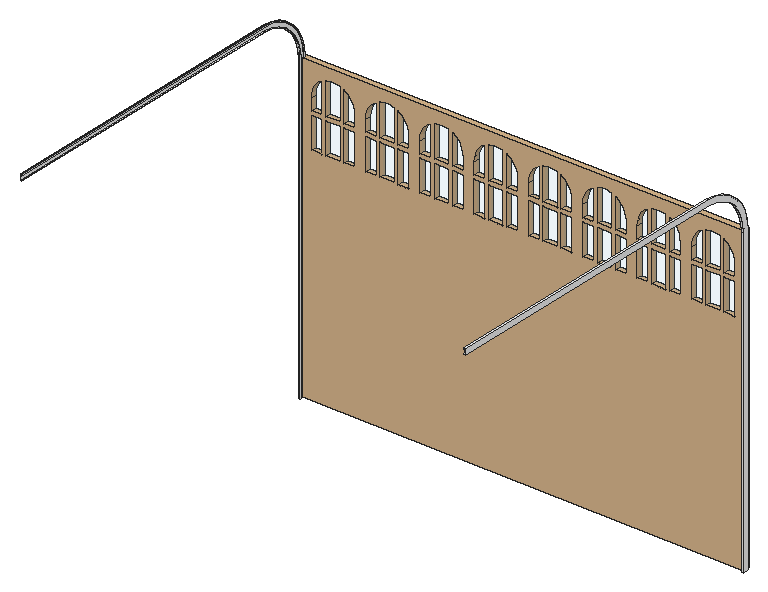
Revit family
Parameters (values of type "7Ft H x 8Ft W")
  Track Width = Width + 0' 2"  # 10' - 2"
  Track Height = Height + 1' 0"  # 8' - 0"
  Track Depth = 8' - 0"
  Track = Metal
  SmartBIM Object Version = 1  # constant formula
  SmartBIM Object Created By = "Reed Construction Data"  # constant formula
  Rough Width = 0' - 0"
  Rough Height = 0' - 0"
  Panel Thickness = 0' - 1 1/2"
  Manufacturer = ""
  Height = 7' - 0"
  Wall Closure = (empty or 0)
  Width = 10' - 0"
  Door Glass = Glass
  Door = Wood
  Assembly Code = ""
  95 CSI = "08360"  # constant formula
  04 CSI = "08 36 13"  # constant formula
Types (2): name | Track Width | Track Depth | Width
  7Ft H x 8Ft W | 10' - 2" | 8' - 0" | 10' - 0"
  7Ft H x 16Ft W | 16' - 2" | 10' - 0" | 16' - 0"
Reference planes (in)
  plane 1 "Center (Front/Back)": y = 0
  plane 2 "Center (Left/Right)": x = 0
  plane 3 "Left": x = -60
  plane 4 "Right": x = 60
  plane 5 "Top": z = 84
  plane 6: x = -61
  plane 7: x = 61
  plane 8: y = -3.25
  plane 9: z = 81
  plane 10: y = -3.5
  plane 11: y = -3.5
  plane 12 "Ext": y = -4.25
  plane 13: y = -3.5
  plane 14 "Int": y = -2.75
  plane 15: z = 3
  plane 16: y = -3.5
  plane 17: z = 61.5
  plane 18: z = 42
  plane 19: z = 22.5
  plane 20: x = -45
  plane 21: x = -30
  plane 22: x = -15
  plane 23: x = 45
  plane 24: x = 30
  plane 25: x = 15
  plane 26: z = 71.25
  plane 27: x = -55
  plane 28: x = -50
  plane 29: x = -35
  plane 30: x = -40
  plane 31: x = -25
  plane 32: x = -20
  plane 33: x = -5
  plane 34: x = -10
  plane 35: x = 5
  plane 36: x = 10
  plane 37: x = 25
  plane 38: x = 20
  plane 39: x = 35
  plane 40: x = 40
  plane 41: x = 55
  plane 42: x = 50
Forms (in)
  Extrusion 1, solid, material "Wood" <- "Door"
    sketch origin (0, 0, 0) x (1, 0, 0) y (0, 0, 1)
      loop
        line (-61, 84) -> (-61, 0) -> (61, 0) -> (61, 84) -> (-61, 84)
      loop
        line (-58.5, 75) -> (-58.5, 62) -> (-46.5, 62) -> (-46.5, 75)
        arc (-46.5, 75) -> (-52.5, 81.00004) -> (-58.5, 75) r 6
      loop
        line (-1.5, 62) -> (-1.5, 75)
        arc (-1.5, 75) -> (-7.5, 81.00876) -> (-13.5, 75) r 6.00001
        line (-13.5, 75) -> (-13.5, 62) -> (-1.5, 62)
      loop
        line (1.5, 62) -> (13.5, 62) -> (13.5, 75)
        arc (13.5, 75) -> (7.5, 81.02697) -> (1.5, 75) r 6.00006
        line (1.5, 75) -> (1.5, 62)
      loop
        arc (58.5, 75) -> (52.5, 81.0097) -> (46.5, 75) r 6.00001
        line (46.5, 75) -> (46.5, 62) -> (58.5, 62) -> (58.5, 75)
      loop
        line (-43.5, 75) -> (-43.5, 62) -> (-31.5, 62) -> (-31.5, 75)
        arc (-31.5, 75) -> (-37.5, 81.00037) -> (-43.5, 75) r 6
      loop
        line (-28.5, 75) -> (-28.5, 62) -> (-16.5, 62) -> (-16.5, 75)
        arc (-16.5, 75) -> (-22.5, 81.00779) -> (-28.5, 75) r 6.00001
      loop
        line (16.5, 75) -> (16.5, 62) -> (28.5, 62) -> (28.5, 75)
        arc (28.5, 75) -> (22.5, 81.04491) -> (16.5, 75) r 6.00017
      loop
        line (31.5, 75) -> (31.5, 62) -> (43.5, 62) -> (43.5, 75)
        arc (43.5, 75) -> (37.5, 81.0286) -> (31.5, 75) r 6.00007
    from 2.75 to 4.25
  Extrusion 2, solid, material "Wood" <- "Door"
    sketch origin (0, -4.25, 0) x (1, 0, 0) y (0, 0, 1)
      loop
        line (-60, 71.75) -> (-60, 70.75) -> (-55.5, 70.75) -> (-55.5, 61.5) -> (-54.5, 61.5) -> (-54.5, 70.75) -> (-50.5, 70.75) -> (-50.5, 61.5) -> (-49.5, 61.5) -> (-49.5, 70.75) -> (-40.5, 70.75) -> (-40.5, 61.5) -> (-39.5, 61.5) -> (-39.5, 70.75) -> (-35.5, 70.75) -> (-35.5, 61.5) -> (-34.5, 61.5) -> (-34.5, 70.75) -> (-25.5, 70.75) -> (-25.5, 61.5) -> (-24.5, 61.5) -> (-24.5, 70.75) -> (-20.5, 70.75) -> (-20.5, 61.5) -> (-19.5, 61.5) -> (-19.5, 70.75) -> (-10.5, 70.75) -> (-10.5, 61.5) -> (-9.5, 61.5) -> (-9.5, 70.75) -> (-5.5, 70.75) -> (-5.5, 61.5) -> (-4.5, 61.5) -> (-4.5, 70.75) -> (4.5, 70.75) -> (4.5, 61.5) -> (5.5, 61.5) -> (5.5, 70.75) -> (9.5, 70.75) -> (9.5, 61.5) -> (10.5, 61.5) -> (10.5, 70.75) -> (19.5, 70.75) -> (19.5, 61.5) -> (20.5, 61.5) -> (20.5, 70.75) -> (24.5, 70.75) -> (24.5, 61.5) -> (25.5, 61.5) -> (25.5, 70.75) -> (34.5, 70.75) -> (34.5, 61.5) -> (35.5, 61.5) -> (35.5, 70.75) -> (39.5, 70.75) -> (39.5, 61.5) -> (40.5, 61.5) -> (40.5, 70.75) -> (49.5, 70.75) -> (49.5, 61.5) -> (50.5, 61.5) -> (50.5, 70.75) -> (54.5, 70.75) -> (54.5, 61.5) -> (55.5, 61.5) -> (55.5, 70.75) -> (60, 70.75) -> (60, 71.75) -> (55.5, 71.75) -> (55.5, 81) -> (54.5, 81) -> (54.5, 71.75) -> (50.5, 71.75) -> (50.5, 81) -> (49.5, 81) -> (49.5, 71.75) -> (40.5, 71.75) -> (40.5, 81) -> (39.5, 81) -> (39.5, 71.75) -> (35.5, 71.75) -> (35.5, 81) -> (34.5, 81) -> (34.5, 71.75) -> (25.5, 71.75) -> (25.5, 81) -> (24.5, 81) -> (24.5, 71.75) -> (20.5, 71.75) -> (20.5, 81) -> (19.5, 81) -> (19.5, 71.75) -> (10.5, 71.75) -> (10.5, 81) -> (9.5, 81) -> (9.5, 71.75) -> (5.5, 71.75) -> (5.5, 81) -> (4.5, 81) -> (4.5, 71.75) -> (-4.5, 71.75) -> (-4.5, 81) -> (-5.5, 81) -> (-5.5, 71.75) -> (-9.5, 71.75) -> (-9.5, 81) -> (-10.5, 81) -> (-10.5, 71.75) -> (-19.5, 71.75) -> (-19.5, 81) -> (-20.5, 81) -> (-20.5, 71.75) -> (-24.5, 71.75) -> (-24.5, 81) -> (-25.5, 81) -> (-25.5, 71.75) -> (-34.5, 71.75) -> (-34.5, 81) -> (-35.5, 81) -> (-35.5, 71.75) -> (-39.5, 71.75) -> (-39.5, 81) -> (-40.5, 81) -> (-40.5, 71.75) -> (-49.5, 71.75) -> (-49.5, 81) -> (-50.5, 81) -> (-50.5, 71.75) -> (-54.5, 71.75) -> (-54.5, 81) -> (-55.5, 81) -> (-55.5, 71.75) -> (-60, 71.75)
    from -1.5 to 0
  Extrusion 3, solid, material "Glass" <- "Door Glass"
    sketch origin (0, -2.75, 0) x (1, 0, 0) y (0, 0, 1)
      loop
        line (58.5, 81) -> (-58.5, 81) -> (-58.5, 61.5) -> (58.5, 61.5) -> (58.5, 81)
    from 0.5 to 0.75
Cuts and joins
  joined: Extrusion 1, Extrusion 2
Lines and regions (in)
  Opening 1
    outline origin (-90, -2.75, 0) x (1, 0, 0) y (0, 0, 1)
      loop
        line (30, 0) -> (150, 0) -> (150, 84) -> (30, 84) -> (30, 0)
  model lines
    curve 1: line (45.5, -4.25, 41.5) -> (59, -4.25, 41.5)
    curve 2: line (59, -4.25, 23) -> (45.5, -4.25, 23)
    curve 3: line (59, -4.25, 22) -> (59, -4.25, 3)
    curve 4: line (45.5, -4.25, 3) -> (59, -4.25, 3)
    curve 5: line (59, -4.25, 22) -> (45.5, -4.25, 22)
    curve 6: line (45.5, -4.25, 3) -> (45.5, -4.25, 22)
    curve 7: line (58.5, -2.75, 23) -> (58.5, -2.75, 41.5)
    curve 8: line (58.5, -2.75, 41.5) -> (45.5, -2.75, 41.5)
    curve 9: line (45.5, -2.75, 23) -> (58.5, -2.75, 23)
    curve 10: line (58.5, -2.75, 22) -> (58.5, -2.75, 3)
    curve 11: line (58.5, -2.75, 3) -> (45.5, -2.75, 3)
    curve 12: line (45.5, -2.75, 22) -> (58.5, -2.75, 22)
    curve 13: line (45.5, -2.75, 3) -> (45.5, -2.75, 22)
    curve 14: line (59, -4.25, 23) -> (59, -4.25, 41.5)
    curve 15: line (45.5, -4.25, 41.5) -> (45.5, -4.25, 23)
    curve 16: line (45.5, -4.25, 42.5) -> (59, -4.25, 42.5)
    curve 17: line (59, -4.25, 61) -> (45.5, -4.25, 61)
    curve 18: line (59, -4.25, 61) -> (59, -4.25, 42.5)
    curve 19: line (45.5, -4.25, 42.5) -> (45.5, -4.25, 61)
    curve 20: line (44.5, -4.25, 42.5) -> (30.5, -4.25, 42.5)
    curve 21: line (30.5, -4.25, 61) -> (44.5, -4.25, 61)
    curve 22: line (44.5, -4.25, 42.5) -> (44.5, -4.25, 61)
    curve 23: line (30.5, -4.25, 61) -> (30.5, -4.25, 42.5)
    curve 24: line (15.5, -4.25, 42.5) -> (29.5, -4.25, 42.5)
    curve 25: line (29.5, -4.25, 61) -> (15.5, -4.25, 61)
    curve 26: line (15.5, -4.25, 42.5) -> (15.5, -4.25, 61)
    curve 27: line (29.5, -4.25, 61) -> (29.5, -4.25, 42.5)
    curve 28: line (14.5, -4.25, 42.5) -> (0.5, -4.25, 42.5)
    curve 29: line (0.5, -4.25, 61) -> (14.5, -4.25, 61)
    curve 30: line (14.5, -4.25, 42.5) -> (14.5, -4.25, 61)
    curve 31: line (0.5, -4.25, 61) -> (0.5, -4.25, 42.5)
    curve 32: line (-14.5, -4.25, 42.5) -> (-0.5, -4.25, 42.5)
    curve 33: line (-0.5, -4.25, 61) -> (-14.5, -4.25, 61)
    curve 34: line (-14.5, -4.25, 42.5) -> (-14.5, -4.25, 61)
    curve 35: line (-0.5, -4.25, 61) -> (-0.5, -4.25, 42.5)
    curve 36: line (-15.5, -4.25, 42.5) -> (-29.5, -4.25, 42.5)
    curve 37: line (-29.5, -4.25, 61) -> (-15.5, -4.25, 61)
    curve 38: line (-15.5, -4.25, 42.5) -> (-15.5, -4.25, 61)
    curve 39: line (-29.5, -4.25, 61) -> (-29.5, -4.25, 42.5)
    curve 40: line (-44.5, -4.25, 42.5) -> (-30.5, -4.25, 42.5)
    curve 41: line (-30.5, -4.25, 61) -> (-44.5, -4.25, 61)
    curve 42: line (-44.5, -4.25, 42.5) -> (-44.5, -4.25, 61)
    curve 43: line (-30.5, -4.25, 61) -> (-30.5, -4.25, 42.5)
    curve 44: line (-45.5, -4.25, 42.5) -> (-59, -4.25, 42.5)
    curve 45: line (-59, -4.25, 61) -> (-45.5, -4.25, 61)
    curve 46: line (-45.5, -4.25, 42.5) -> (-45.5, -4.25, 61)
    curve 47: line (-59, -4.25, 61) -> (-59, -4.25, 42.5)
    curve 48: line (-45.5, -4.25, 41.5) -> (-59, -4.25, 41.5)
    curve 49: line (-59, -4.25, 23) -> (-45.5, -4.25, 23)
    curve 50: line (-45.5, -4.25, 41.5) -> (-45.5, -4.25, 23)
    curve 51: line (-59, -4.25, 23) -> (-59, -4.25, 41.5)
    curve 52: line (-45.5, -4.25, 3.5) -> (-59, -4.25, 3.5)
    curve 53: line (-59, -4.25, 22) -> (-45.5, -4.25, 22)
    curve 54: line (-45.5, -4.25, 3.5) -> (-45.5, -4.25, 22)
    curve 55: line (-59, -4.25, 22) -> (-59, -4.25, 3.5)
    curve 56: line (-44.5, -4.25, 41.5) -> (-30.5, -4.25, 41.5)
    curve 57: line (-30.5, -4.25, 23) -> (-44.5, -4.25, 23)
    curve 58: line (-44.5, -4.25, 41.5) -> (-44.5, -4.25, 23)
    curve 59: line (-30.5, -4.25, 23) -> (-30.5, -4.25, 41.5)
    curve 60: line (-44.5, -4.25, 3.5) -> (-30.5, -4.25, 3.5)
    curve 61: line (-30.5, -4.25, 22) -> (-44.5, -4.25, 22)
    curve 62: line (-44.5, -4.25, 3.5) -> (-44.5, -4.25, 22)
    curve 63: line (-30.5, -4.25, 22) -> (-30.5, -4.25, 3.5)
    curve 64: line (-15.5, -4.25, 41.5) -> (-29.5, -4.25, 41.5)
    curve 65: line (-29.5, -4.25, 23) -> (-15.5, -4.25, 23)
    curve 66: line (-15.5, -4.25, 41.5) -> (-15.5, -4.25, 23)
    curve 67: line (-29.5, -4.25, 23) -> (-29.5, -4.25, 41.5)
    curve 68: line (-14.5, -4.25, 41.5) -> (-0.5, -4.25, 41.5)
    curve 69: line (-0.5, -4.25, 23) -> (-14.5, -4.25, 23)
    curve 70: line (-14.5, -4.25, 41.5) -> (-14.5, -4.25, 23)
    curve 71: line (-0.5, -4.25, 23) -> (-0.5, -4.25, 41.5)
    curve 72: line (14.5, -4.25, 41.5) -> (0.5, -4.25, 41.5)
    curve 73: line (0.5, -4.25, 23) -> (14.5, -4.25, 23)
    curve 74: line (14.5, -4.25, 41.5) -> (14.5, -4.25, 23)
    curve 75: line (0.5, -4.25, 23) -> (0.5, -4.25, 41.5)
    curve 76: line (15.5, -4.25, 41.5) -> (29.5, -4.25, 41.5)
    curve 77: line (29.5, -4.25, 23) -> (15.5, -4.25, 23)
    curve 78: line (15.5, -4.25, 41.5) -> (15.5, -4.25, 23)
    curve 79: line (29.5, -4.25, 23) -> (29.5, -4.25, 41.5)
    curve 80: line (44.5, -4.25, 41.5) -> (30.5, -4.25, 41.5)
    curve 81: line (30.5, -4.25, 23) -> (44.5, -4.25, 23)
    curve 82: line (44.5, -4.25, 41.5) -> (44.5, -4.25, 23)
    curve 83: line (30.5, -4.25, 23) -> (30.5, -4.25, 41.5)
    curve 84: line (44.5, -4.25, 3.5) -> (30.5, -4.25, 3.5)
    curve 85: line (30.5, -4.25, 22) -> (44.5, -4.25, 22)
    curve 86: line (44.5, -4.25, 3.5) -> (44.5, -4.25, 22)
    curve 87: line (30.5, -4.25, 22) -> (30.5, -4.25, 3.5)
    curve 88: line (15.5, -4.25, 3.5) -> (29.5, -4.25, 3.5)
    curve 89: line (29.5, -4.25, 22) -> (15.5, -4.25, 22)
    curve 90: line (15.5, -4.25, 3.5) -> (15.5, -4.25, 22)
    curve 91: line (29.5, -4.25, 22) -> (29.5, -4.25, 3.5)
    curve 92: line (14.5, -4.25, 3.5) -> (0.5, -4.25, 3.5)
    curve 93: line (0.5, -4.25, 22) -> (14.5, -4.25, 22)
    curve 94: line (14.5, -4.25, 3.5) -> (14.5, -4.25, 22)
    curve 95: line (0.5, -4.25, 22) -> (0.5, -4.25, 3.5)
    curve 96: line (-14.5, -4.25, 3.5) -> (-0.5, -4.25, 3.5)
    curve 97: line (-0.5, -4.25, 22) -> (-14.5, -4.25, 22)
    curve 98: line (-14.5, -4.25, 3.5) -> (-14.5, -4.25, 22)
    curve 99: line (-0.5, -4.25, 22) -> (-0.5, -4.25, 3.5)
    curve 100: line (-15.5, -4.25, 3.5) -> (-29.5, -4.25, 3.5)
    curve 101: line (-29.5, -4.25, 22) -> (-15.5, -4.25, 22)
    curve 102: line (-15.5, -4.25, 3.5) -> (-15.5, -4.25, 22)
    curve 103: line (-29.5, -4.25, 22) -> (-29.5, -4.25, 3.5)
    curve 104: line (44.5, -2.75, 23) -> (44.5, -2.75, 41.5)
    curve 105: line (44.5, -2.75, 41.5) -> (30.5, -2.75, 41.5)
    curve 106: line (30.5, -2.75, 23) -> (44.5, -2.75, 23)
    curve 107: line (30.5, -2.75, 41.5) -> (30.5, -2.75, 23)
    curve 108: line (-14.5, -2.75, 23) -> (-14.5, -2.75, 41.5)
    curve 109: line (-14.5, -2.75, 41.5) -> (-0.5, -2.75, 41.5)
    curve 110: line (-0.5, -2.75, 23) -> (-14.5, -2.75, 23)
    curve 111: line (-0.5, -2.75, 41.5) -> (-0.5, -2.75, 23)
    curve 112: line (14.5, -2.75, 23) -> (14.5, -2.75, 41.5)
    curve 113: line (14.5, -2.75, 41.5) -> (0.5, -2.75, 41.5)
    curve 114: line (0.5, -2.75, 23) -> (14.5, -2.75, 23)
    curve 115: line (0.5, -2.75, 41.5) -> (0.5, -2.75, 23)
    curve 116: line (15.5, -2.75, 23) -> (15.5, -2.75, 41.5)
    curve 117: line (15.5, -2.75, 41.5) -> (29.5, -2.75, 41.5)
    curve 118: line (29.5, -2.75, 23) -> (15.5, -2.75, 23)
    curve 119: line (29.5, -2.75, 41.5) -> (29.5, -2.75, 23)
    curve 120: line (-15.5, -2.75, 23) -> (-15.5, -2.75, 41.5)
    curve 121: line (-15.5, -2.75, 41.5) -> (-29.5, -2.75, 41.5)
    curve 122: line (-29.5, -2.75, 23) -> (-15.5, -2.75, 23)
    curve 123: line (-29.5, -2.75, 41.5) -> (-29.5, -2.75, 23)
    curve 124: line (-44.5, -2.75, 23) -> (-44.5, -2.75, 41.5)
    curve 125: line (-44.5, -2.75, 41.5) -> (-30.5, -2.75, 41.5)
    curve 126: line (-30.5, -2.75, 23) -> (-44.5, -2.75, 23)
    curve 127: line (-30.5, -2.75, 41.5) -> (-30.5, -2.75, 23)
    curve 128: line (-45.5, -2.75, 23) -> (-45.5, -2.75, 41.5)
    curve 129: line (-45.5, -2.75, 41.5) -> (-58.5, -2.75, 41.5)
    curve 130: line (-58.5, -2.75, 23) -> (-45.5, -2.75, 23)
    curve 131: line (-58.5, -2.75, 41.5) -> (-58.5, -2.75, 23)
    curve 132: line (-45.5, -2.75, 61) -> (-45.5, -2.75, 42.5)
    curve 133: line (-45.5, -2.75, 42.5) -> (-58.5, -2.75, 42.5)
    curve 134: line (-58.5, -2.75, 61) -> (-45.5, -2.75, 61)
    curve 135: line (-58.5, -2.75, 42.5) -> (-58.5, -2.75, 61)
    curve 136: line (-45.5, -2.75, 22) -> (-45.5, -2.75, 3.5)
    curve 137: line (-45.5, -2.75, 3.5) -> (-58.5, -2.75, 3.5)
    curve 138: line (-58.5, -2.75, 22) -> (-45.5, -2.75, 22)
    curve 139: line (-58.5, -2.75, 3.5) -> (-58.5, -2.75, 22)
    curve 140: line (-44.5, -2.75, 22) -> (-44.5, -2.75, 3.5)
    curve 141: line (-44.5, -2.75, 3.5) -> (-30.5, -2.75, 3.5)
    curve 142: line (-30.5, -2.75, 22) -> (-44.5, -2.75, 22)
    curve 143: line (-30.5, -2.75, 3.5) -> (-30.5, -2.75, 22)
    curve 144: line (-15.5, -2.75, 22) -> (-15.5, -2.75, 3.5)
    curve 145: line (-15.5, -2.75, 3.5) -> (-29.5, -2.75, 3.5)
    curve 146: line (-29.5, -2.75, 22) -> (-15.5, -2.75, 22)
    curve 147: line (-29.5, -2.75, 3.5) -> (-29.5, -2.75, 22)
    curve 148: line (-14.5, -2.75, 22) -> (-14.5, -2.75, 3.5)
    curve 149: line (-14.5, -2.75, 3.5) -> (-0.5, -2.75, 3.5)
    curve 150: line (-0.5, -2.75, 22) -> (-14.5, -2.75, 22)
    curve 151: line (-0.5, -2.75, 3.5) -> (-0.5, -2.75, 22)
    curve 152: line (14.5, -2.75, 22) -> (14.5, -2.75, 3.5)
    curve 153: line (14.5, -2.75, 3.5) -> (0.5, -2.75, 3.5)
    curve 154: line (0.5, -2.75, 22) -> (14.5, -2.75, 22)
    curve 155: line (0.5, -2.75, 3.5) -> (0.5, -2.75, 22)
    curve 156: line (15.5, -2.75, 22) -> (15.5, -2.75, 3.5)
    curve 157: line (15.5, -2.75, 3.5) -> (29.5, -2.75, 3.5)
    curve 158: line (29.5, -2.75, 22) -> (15.5, -2.75, 22)
    curve 159: line (29.5, -2.75, 3.5) -> (29.5, -2.75, 22)
    curve 160: line (44.5, -2.75, 22) -> (44.5, -2.75, 3.5)
    curve 161: line (44.5, -2.75, 3.5) -> (30.5, -2.75, 3.5)
    curve 162: line (30.5, -2.75, 22) -> (44.5, -2.75, 22)
    curve 163: line (30.5, -2.75, 3.5) -> (30.5, -2.75, 22)
    curve 164: line (45.5, -2.75, 23) -> (45.5, -2.75, 41.5)
    curve 165: line (58.5, -2.75, 61) -> (58.5, -2.75, 42.5)
    curve 166: line (58.5, -2.75, 42.5) -> (45.5, -2.75, 42.5)
    curve 167: line (45.5, -2.75, 61) -> (58.5, -2.75, 61)
    curve 168: line (45.5, -2.75, 61) -> (45.5, -2.75, 42.5)
    curve 169: line (44.5, -2.75, 61) -> (44.5, -2.75, 42.5)
    curve 170: line (44.5, -2.75, 42.5) -> (30.5, -2.75, 42.5)
    curve 171: line (30.5, -2.75, 61) -> (44.5, -2.75, 61)
    curve 172: line (30.5, -2.75, 42.5) -> (30.5, -2.75, 61)
    curve 173: line (15.5, -2.75, 61) -> (15.5, -2.75, 42.5)
    curve 174: line (15.5, -2.75, 42.5) -> (29.5, -2.75, 42.5)
    curve 175: line (29.5, -2.75, 61) -> (15.5, -2.75, 61)
    curve 176: line (29.5, -2.75, 42.5) -> (29.5, -2.75, 61)
    curve 177: line (14.5, -2.75, 61) -> (14.5, -2.75, 42.5)
    curve 178: line (14.5, -2.75, 42.5) -> (0.5, -2.75, 42.5)
    curve 179: line (0.5, -2.75, 61) -> (14.5, -2.75, 61)
    curve 180: line (0.5, -2.75, 42.5) -> (0.5, -2.75, 61)
    curve 181: line (-14.5, -2.75, 61) -> (-14.5, -2.75, 42.5)
    curve 182: line (-14.5, -2.75, 42.5) -> (-0.5, -2.75, 42.5)
    curve 183: line (-0.5, -2.75, 61) -> (-14.5, -2.75, 61)
    curve 184: line (-0.5, -2.75, 42.5) -> (-0.5, -2.75, 61)
    curve 185: line (-15.5, -2.75, 61) -> (-15.5, -2.75, 42.5)
    curve 186: line (-15.5, -2.75, 42.5) -> (-29.5, -2.75, 42.5)
    curve 187: line (-29.5, -2.75, 61) -> (-15.5, -2.75, 61)
    curve 188: line (-29.5, -2.75, 42.5) -> (-29.5, -2.75, 61)
    curve 189: line (-44.5, -2.75, 61) -> (-44.5, -2.75, 42.5)
    curve 190: line (-44.5, -2.75, 42.5) -> (-30.5, -2.75, 42.5)
    curve 191: line (-30.5, -2.75, 61) -> (-44.5, -2.75, 61)
    curve 192: line (-30.5, -2.75, 42.5) -> (-30.5, -2.75, 61)
Text (in)
  text "Exterior" at (-74.96733, 27.31104, 0), in view "Ref. Level"
  text "Interior" at (-76.69036, -30.31274, 0), in view "Ref. Level"
  text "Exterior" at (0, 40.15149, 123.01588), in view "Right"
  text "Interior" at (0, -64.39139, 123.01588), in view "Right"
  text "Interior" at (0, -31.01599, 123.00693), in view "Left"
  text "Exterior" at (0, 54.57065, 123.00693), in view "Left"
Dimensions and locks (in)
  equal spacing: plane 3 "Left", plane 2 "Center (Left/Right)", plane 4 "Right"
  "Width": plane 3 "Left" to plane 4 "Right"
  locked: plane 6 to plane 3 "Left" at 1
  locked: plane 4 "Right" to plane 7 at 1
  locked: plane 9 to plane 5 "Top" at 3
  plane 2 "Center (Left/Right)" to plane 4 "Right" = 5' - 0"
  plane 2 "Center (Left/Right)" to plane 3 "Left" = 5' - 0"
  host wall to plane 8 to plane 10 = 0' - 0 1/2", 0' - 0 1/4"
  equal spacing: plane 12 "Ext", plane 13, plane 14 "Int"
  "Panel Thickness": plane 14 "Int" to plane 12 "Ext"
  plane 5 "Top" to plane 9 = 0' - 3"
  equal spacing: plane 7, plane 2 "Center (Left/Right)", plane 6
  locked: plane 15 to level at 3
  locked: plane 6 to Extrusion 1 sketch curve at 2.5
  locked: plane 2 "Center (Left/Right)" to Extrusion 1 sketch curve at 1.5
  locked: Extrusion 1 sketch curve to plane 2 "Center (Left/Right)" at 1.5
  "Height": plane 5 "Top" to level
  locked: Extrusion 1 sketch curve to plane 17 at 0.5
  equal spacing: plane 9, plane 17, plane 18, plane 19, plane 15
  equal spacing: plane 3 "Left", plane 20, plane 21, plane 22, plane 2 "Center (Left/Right)"
  equal spacing: plane 4 "Right", plane 23, plane 24, plane 25, plane 2 "Center (Left/Right)"
  equal spacing: Extrusion 1 sketch curve, plane 20, Extrusion 1 sketch curve
  locked: Extrusion 1 sketch curve to Extrusion 1 sketch curve at 3  (x6)
  equal spacing: Extrusion 1 sketch curve, plane 21, Extrusion 1 sketch curve
  equal spacing: Extrusion 1 sketch curve, plane 22, Extrusion 1 sketch curve
  equal spacing: Extrusion 1 sketch curve, plane 25, Extrusion 1 sketch curve
  equal spacing: Extrusion 1 sketch curve, plane 24, Extrusion 1 sketch curve
  equal spacing: Extrusion 1 sketch curve, plane 23, Extrusion 1 sketch curve
  locked: Extrusion 1 sketch curve to plane 9 at 0.00004
  locked: Extrusion 1 sketch curve to plane 9 at 0.00037
  locked: Extrusion 1 sketch curve to plane 9 at 0.00779
  locked: Extrusion 1 sketch curve to plane 9 at 0.00876
  locked: Extrusion 1 sketch curve to plane 9 at 0.02697
  locked: Extrusion 1 sketch curve to plane 9 at 0.04491
  locked: Extrusion 1 sketch curve to plane 9 at 0.0286
  locked: Extrusion 1 sketch curve to plane 9 at 0.0097
  locked: Extrusion 1 sketch curve to plane 7 at 2.5
  equal spacing: plane 9, plane 26, plane 17
  equal spacing: plane 3 "Left", plane 27, plane 28, plane 20
  equal spacing: plane 21, plane 29, plane 30, plane 20
  equal spacing: plane 22, plane 32, plane 31, plane 21
  equal spacing: plane 2 "Center (Left/Right)", plane 33, plane 34, plane 22
  equal spacing: plane 25, plane 36, plane 35, plane 2 "Center (Left/Right)"
  equal spacing: plane 25, plane 38, plane 37, plane 24
  equal spacing: plane 24, plane 39, plane 40, plane 23
  equal spacing: plane 23, plane 42, plane 41, plane 4 "Right"
  equal spacing: Extrusion 2 sketch curve, plane 26, Extrusion 2 sketch curve
  locked: Extrusion 2 sketch curve to Extrusion 2 sketch curve at 1  (x17)
  equal spacing: Extrusion 2 sketch curve, plane 27, Extrusion 2 sketch curve
  equal spacing: Extrusion 2 sketch curve, plane 28, Extrusion 2 sketch curve
  equal spacing: Extrusion 2 sketch curve, plane 30, Extrusion 2 sketch curve
  equal spacing: Extrusion 2 sketch curve, plane 29, Extrusion 2 sketch curve
  equal spacing: Extrusion 2 sketch curve, plane 31, Extrusion 2 sketch curve
  equal spacing: Extrusion 2 sketch curve, plane 32, Extrusion 2 sketch curve
  equal spacing: Extrusion 2 sketch curve, plane 34, Extrusion 2 sketch curve
  equal spacing: Extrusion 2 sketch curve, plane 33, Extrusion 2 sketch curve
  equal spacing: Extrusion 2 sketch curve, plane 35, Extrusion 2 sketch curve
  equal spacing: Extrusion 2 sketch curve, plane 36, Extrusion 2 sketch curve
  equal spacing: Extrusion 2 sketch curve, plane 38, Extrusion 2 sketch curve
  equal spacing: Extrusion 2 sketch curve, plane 37, Extrusion 2 sketch curve
  equal spacing: Extrusion 2 sketch curve, plane 39, Extrusion 2 sketch curve
  equal spacing: Extrusion 2 sketch curve, plane 40, Extrusion 2 sketch curve
  equal spacing: Extrusion 2 sketch curve, plane 42, Extrusion 2 sketch curve
  equal spacing: Extrusion 2 sketch curve, plane 41, Extrusion 2 sketch curve
  "Panel Thickness": Extrusion 2 to Extrusion 2
  locked: Extrusion 3 to Extrusion 3 at 0.25
  aligned and locked: plane 3 "Left" to Opening 1 sketch curve
  aligned and locked: plane 5 "Top" to Opening 1 sketch curve  (x2)
  aligned and locked: Opening 1 sketch curve to plane 4 "Right"
  aligned and locked: Opening 1 sketch curve to level
  aligned and locked: Extrusion 1 sketch curve to level
  aligned and locked: Extrusion 1 sketch curve to host wall
  aligned and locked: plane 10 to plane 11
  aligned and locked: host wall to plane 14 "Int"
  aligned and locked: plane 11 to plane 13
  aligned and locked: plane 12 "Ext" to Extrusion 1
  aligned and locked: Extrusion 1 to host wall
  aligned and locked: plane 16 to plane 13
  aligned and locked: Extrusion 1 sketch curve to Extrusion 1 sketch curve  (x16)
  aligned and locked: plane 15 to curve 11
  aligned and locked: curve 7 to curve 10
  aligned and locked: Extrusion 1 sketch curve to plane 6
  aligned and locked: Extrusion 1 sketch curve to plane 7
  aligned and locked: Extrusion 2 sketch curve to plane 4 "Right"
  aligned and locked: Extrusion 2 sketch curve to plane 9
  aligned and locked: Extrusion 2 sketch curve to plane 3 "Left"
  aligned and locked: Extrusion 2 sketch curve to Extrusion 2 sketch curve  (x64)
  aligned and locked: plane 12 "Ext" to Extrusion 2
  aligned and locked: curve 6 to curve 15
  aligned and locked: curve 14 to curve 3
  aligned and locked: curve 164 to curve 15
  aligned and locked: Extrusion 3 sketch curve to curve 165
  aligned and locked: plane 9 to Extrusion 3 sketch curve
  aligned and locked: plane 17 to Extrusion 3 sketch curve
  aligned and locked: Extrusion 3 sketch curve to cut or joined group of Extrusion 1, Extrusion 2
  aligned and locked: Extrusion 3 to plane 16
  aligned and locked: nested 1 to plane 2 "Center (Left/Right)"
  aligned and locked: nested 1 to plane 12 "Ext"
Automatic sketch dimensions
  plane 17 to Extrusion 1 sketch curve = 0' - 0 1/2"  (x6)
  Extrusion 1 sketch curve to plane 9 = 0' - 6"
  Extrusion 2 sketch curve to plane 9 = 0' - 0"  (x15)
  Extrusion 2 sketch curve to plane 17 = 0' - 0"  (x16)
  curve 4 to plane 15 = 0' - 0"
  curve 48 to plane 3 "Left" = 0' - 1"
  curve 55 to plane 3 "Left" = 0' - 1"
  curve 44 to curve 48 = 0' - 0"
  curve 54 to plane 20 = 0' - 0 1/2"
  curve 46 to plane 20 = 0' - 0 1/2"
  curve 48 to plane 20 = 0' - 0 1/2"
  plane 20 to curve 58 = 0' - 0 1/2"
  plane 20 to curve 60 = 0' - 0 1/2"
  plane 20 to curve 42 = 0' - 0 1/2"
  curve 56 to plane 21 = 0' - 0 1/2"
  curve 60 to plane 21 = 0' - 0 1/2"
  curve 41 to plane 21 = 0' - 0 1/2"
  plane 21 to curve 67 = 0' - 0 1/2"
  plane 21 to curve 100 = 0' - 0 1/2"
  plane 21 to curve 39 = 0' - 0 1/2"
  curve 38 to plane 22 = 0' - 0 1/2"
  curve 65 to plane 22 = 0' - 0 1/2"
  curve 100 to plane 22 = 0' - 0 1/2"
  plane 22 to curve 32 = 0' - 0 1/2"
  plane 22 to curve 68 = 0' - 0 1/2"
  plane 22 to curve 98 = 0' - 0 1/2"
  curve 96 to plane 2 "Center (Left/Right)" = 0' - 0 1/2"
  curve 71 to plane 2 "Center (Left/Right)" = 0' - 0 1/2"
  curve 33 to plane 2 "Center (Left/Right)" = 0' - 0 1/2"
  plane 2 "Center (Left/Right)" to curve 28 = 0' - 0 1/2"
  plane 2 "Center (Left/Right)" to curve 72 = 0' - 0 1/2"
  plane 2 "Center (Left/Right)" to curve 95 = 0' - 0 1/2"
  plane 25 to curve 93 = 0' - 0 1/2"
  plane 25 to curve 29 = 0' - 0 1/2"
  plane 25 to curve 72 = 0' - 0 1/2"
  curve 89 to plane 25 = 0' - 0 1/2"
  curve 26 to plane 25 = 0' - 0 1/2"
  curve 76 to plane 25 = 0' - 0 1/2"
  plane 24 to curve 24 = 0' - 0 1/2"
  plane 24 to curve 88 = 0' - 0 1/2"
  plane 24 to curve 77 = 0' - 0 1/2"
  curve 23 to plane 24 = 0' - 0 1/2"
  curve 80 to plane 24 = 0' - 0 1/2"
  curve 87 to plane 24 = 0' - 0 1/2"
  plane 23 to curve 86 = 0' - 0 1/2"
  plane 23 to curve 82 = 0' - 0 1/2"
  plane 23 to curve 22 = 0' - 0 1/2"
  curve 4 to plane 23 = 0' - 0 1/2"
  curve 16 to plane 23 = 0' - 0 1/2"
  plane 4 "Right" to curve 3 = 0' - 1"
  curve 16 to curve 1 = 0' - 0"
  curve 52 to plane 15 = 0' - 0 1/2"
  curve 60 to plane 15 = 0' - 0 1/2"
  curve 103 to plane 15 = 0' - 0 1/2"
  curve 84 to plane 15 = 0' - 0 1/2"
  curve 88 to plane 15 = 0' - 0 1/2"
  curve 99 to plane 15 = 0' - 0 1/2"
  curve 92 to plane 15 = 0' - 0 1/2"
  curve 95 to plane 19 = 0' - 0 1/2"
  curve 97 to plane 19 = 0' - 0 1/2"
  curve 91 to plane 19 = 0' - 0 1/2"
  curve 101 to plane 19 = 0' - 0 1/2"
  curve 55 to plane 19 = 0' - 0 1/2"
  curve 86 to plane 19 = 0' - 0 1/2"
  curve 3 to plane 19 = 0' - 0 1/2"
  curve 61 to plane 19 = 0' - 0 1/2"
  plane 19 to curve 71 = 0' - 0 1/2"
  plane 19 to curve 78 = 0' - 0 1/2"
  plane 19 to curve 65 = 0' - 0 1/2"
  plane 19 to curve 81 = 0' - 0 1/2"
  plane 19 to curve 75 = 0' - 0 1/2"
  plane 19 to curve 59 = 0' - 0 1/2"
  plane 19 to curve 49 = 0' - 0 1/2"
  plane 19 to curve 2 = 0' - 0 1/2"
  curve 56 to plane 18 = 0' - 0 1/2"
  curve 51 to plane 18 = 0' - 0 1/2"
  curve 71 to plane 18 = 0' - 0 1/2"
  curve 72 to plane 18 = 0' - 0 1/2"
  curve 76 to plane 18 = 0' - 0 1/2"
  curve 64 to plane 18 = 0' - 0 1/2"
  curve 80 to plane 18 = 0' - 0 1/2"
  curve 15 to plane 18 = 0' - 0 1/2"
  plane 18 to curve 16 = 0' - 0 1/2"
  plane 18 to curve 46 = 0' - 0 1/2"
  plane 18 to curve 43 = 0' - 0 1/2"
  plane 18 to curve 20 = 0' - 0 1/2"
  plane 18 to curve 39 = 0' - 0 1/2"
  plane 18 to curve 24 = 0' - 0 1/2"
  plane 18 to curve 35 = 0' - 0 1/2"
  plane 18 to curve 28 = 0' - 0 1/2"
  curve 31 to plane 17 = 0' - 0 1/2"
  curve 33 to plane 17 = 0' - 0 1/2"
  curve 37 to plane 17 = 0' - 0 1/2"
  curve 27 to plane 17 = 0' - 0 1/2"
  curve 41 to plane 17 = 0' - 0 1/2"
  curve 23 to plane 17 = 0' - 0 1/2"
  curve 19 to plane 17 = 0' - 0 1/2"
  curve 45 to plane 17 = 0' - 0 1/2"
  curve 167 to plane 23 = 0' - 0 1/2"
  curve 13 to plane 23 = 0' - 0 1/2"
  curve 12 to plane 19 = 0' - 0 1/2"
  plane 4 "Right" to curve 12 = 0' - 1 1/2"
  curve 165 to plane 17 = 0' - 0 1/2"
  plane 4 "Right" to curve 165 = 0' - 1 1/2"
  plane 19 to curve 7 = 0' - 0 1/2"
  curve 8 to plane 18 = 0' - 0 1/2"
  plane 18 to curve 166 = 0' - 0 1/2"
  plane 23 to curve 169 = 0' - 0 1/2"
  curve 172 to plane 24 = 0' - 0 1/2"
  plane 18 to curve 170 = 0' - 0 1/2"
  curve 171 to plane 17 = 0' - 0 1/2"
  plane 24 to curve 176 = 0' - 0 1/2"
  curve 173 to plane 25 = 0' - 0 1/2"
  plane 18 to curve 174 = 0' - 0 1/2"
  curve 175 to plane 17 = 0' - 0 1/2"
  plane 25 to curve 179 = 0' - 0 1/2"
  plane 2 "Center (Left/Right)" to curve 180 = 0' - 0 1/2"
  plane 18 to curve 178 = 0' - 0 1/2"
  curve 177 to plane 17 = 0' - 0 1/2"
  curve 184 to plane 2 "Center (Left/Right)" = 0' - 0 1/2"
  plane 22 to curve 181 = 0' - 0 1/2"
  plane 18 to curve 182 = 0' - 0 1/2"
  curve 183 to plane 17 = 0' - 0 1/2"
  curve 187 to plane 22 = 0' - 0 1/2"
  plane 21 to curve 188 = 0' - 0 1/2"
  plane 18 to curve 186 = 0' - 0 1/2"
  curve 185 to plane 17 = 0' - 0 1/2"
  curve 192 to plane 21 = 0' - 0 1/2"
  plane 20 to curve 189 = 0' - 0 1/2"
  plane 18 to curve 190 = 0' - 0 1/2"
  curve 191 to plane 17 = 0' - 0 1/2"
  curve 132 to plane 20 = 0' - 0 1/2"
  curve 135 to plane 3 "Left" = 0' - 1 1/2"
  plane 18 to curve 133 = 0' - 0 1/2"
  curve 134 to plane 17 = 0' - 0 1/2"
  plane 19 to curve 130 = 0' - 0 1/2"
  curve 131 to curve 133 = 0' - 0"
  curve 130 to plane 20 = 0' - 0 1/2"
  curve 129 to plane 18 = 0' - 0 1/2"
  plane 20 to curve 124 = 0' - 0 1/2"
  curve 127 to plane 21 = 0' - 0 1/2"
  plane 19 to curve 124 = 0' - 0 1/2"
  curve 127 to plane 18 = 0' - 0 1/2"
  plane 21 to curve 121 = 0' - 0 1/2"
  curve 122 to plane 22 = 0' - 0 1/2"
  plane 19 to curve 122 = 0' - 0 1/2"
  curve 123 to plane 18 = 0' - 0 1/2"
  plane 22 to curve 108 = 0' - 0 1/2"
  curve 110 to plane 2 "Center (Left/Right)" = 0' - 0 1/2"
  plane 19 to curve 108 = 0' - 0 1/2"
  curve 111 to plane 18 = 0' - 0 1/2"
  plane 2 "Center (Left/Right)" to curve 115 = 0' - 0 1/2"
  plane 25 to curve 112 = 0' - 0 1/2"
  plane 19 to curve 114 = 0' - 0 1/2"
  curve 115 to plane 18 = 0' - 0 1/2"
  curve 116 to plane 25 = 0' - 0 1/2"
  plane 24 to curve 117 = 0' - 0 1/2"
  plane 19 to curve 116 = 0' - 0 1/2"
  curve 119 to plane 18 = 0' - 0 1/2"
  curve 105 to plane 24 = 0' - 0 1/2"
  plane 23 to curve 106 = 0' - 0 1/2"
  plane 19 to curve 106 = 0' - 0 1/2"
  curve 107 to plane 18 = 0' - 0 1/2"
  curve 163 to plane 24 = 0' - 0 1/2"
  plane 23 to curve 160 = 0' - 0 1/2"
  curve 161 to plane 15 = 0' - 0 1/2"
  curve 162 to plane 19 = 0' - 0 1/2"
  curve 157 to plane 25 = 0' - 0 1/2"
  plane 24 to curve 158 = 0' - 0 1/2"
  curve 157 to plane 15 = 0' - 0 1/2"
  curve 158 to plane 19 = 0' - 0 1/2"
  plane 2 "Center (Left/Right)" to curve 155 = 0' - 0 1/2"
  plane 25 to curve 152 = 0' - 0 1/2"
  curve 153 to plane 15 = 0' - 0 1/2"
  curve 154 to plane 19 = 0' - 0 1/2"
  plane 22 to curve 148 = 0' - 0 1/2"
  curve 151 to plane 2 "Center (Left/Right)" = 0' - 0 1/2"
  curve 149 to plane 15 = 0' - 0 1/2"
  curve 150 to plane 19 = 0' - 0 1/2"
  plane 21 to curve 146 = 0' - 0 1/2"
  curve 144 to plane 22 = 0' - 0 1/2"
  curve 145 to plane 15 = 0' - 0 1/2"
  curve 144 to plane 19 = 0' - 0 1/2"
  plane 20 to curve 142 = 0' - 0 1/2"
  curve 141 to plane 21 = 0' - 0 1/2"
  curve 141 to plane 15 = 0' - 0 1/2"
  curve 143 to plane 19 = 0' - 0 1/2"
  curve 139 to plane 15 = 0' - 0 1/2"
  curve 139 to plane 3 "Left" = 0' - 1 1/2"
  curve 136 to plane 20 = 0' - 0 1/2"
  curve 138 to plane 19 = 0' - 0 1/2"
Nested families (in)
  nested 1: "Door Track" at (-0.5, -53, 0), Width <- "Track Width", Height <- "Track Height", Depth <- "Track Depth", type "Door Track"
    with Width 10' - 2", Height 8' - 0", Depth 8' - 0"
Definition of nested family "Door Track"
  Parameters
    Width [instance] = 10' - 0"
    Track = Metal
    Height [instance] = 11' - 0"
    Depth [instance] = 8' - 0"
  Reference planes (in)
    plane 1 "Center (Front/Back)": y = 0
    plane 2: z = 0
    plane 3 "Center (Left/Right)": x = 0.5
    plane 4 "Back": y = 48
    plane 5 "Front": y = -48
    plane 6 "Left": x = -59.5
    plane 7 "Right": x = 60.5
    plane 8 "Top": z = 132
    plane 9 "Center (Up/Down)": z = 66
    plane 10: y = 48.75
    plane 11: y = 49.5
  Forms (in)
    Sweep 1, solid, material "Metal" <- "Track"
      path origin (60.5, 60, 48) x (0, 1, 0) y (0, 0, 1)
        loop
          line (-12, -48) -> (-12, 72)
          arc (-12, 72) -> (-15.51472, 80.48528) -> (-24, 84) r 12
          line (-24, 84) -> (-108, 84)
      profile origin (60.5, -6, 132) x (0, 0, -1) y (1, 0, 0)
        loop
          line (-1.5, 0) -> (-1.375, 0) -> (-1.375, 0.375) -> (-0.125, 0.375) -> (-0.125, 0) -> (0, 0) -> (0, 0.5) -> (-1.5, 0.5) -> (-1.5, 0)
    Sweep 2, solid, material "Metal" <- "Track"
      path origin (-59.5, 60, 48) x (0, 1, 0) y (0, 0, 1)
        loop
          line (-12, -48) -> (-12, 72)
          arc (-12, 72) -> (-15.51472, 80.48528) -> (-24, 84) r 12
          line (-24, 84) -> (-108, 84)
      profile origin (-59.5, -6, 132) x (0, 0, -1) y (1, 0, 0)
        loop
          line (-1.5, 0) -> (-1.5, -0.5) -> (0, -0.5) -> (0, 0) -> (-0.125, 0) -> (-0.125, -0.375) -> (-1.375, -0.375) -> (-1.375, 0) -> (-1.5, 0)
  Dimensions and locks (in)
    equal spacing: plane 6 "Left", plane 3 "Center (Left/Right)", plane 7 "Right"
    "Width": plane 6 "Left" to plane 7 "Right"
    equal spacing: plane 4 "Back", plane 1 "Center (Front/Back)", plane 5 "Front"
    "Depth": plane 4 "Back" to plane 5 "Front"
    "Height": plane 8 "Top" to plane 2
    equal spacing: plane 8 "Top", plane 9 "Center (Up/Down)", level
    locked: Sweep 2 sketch curve to Sweep 2 sketch curve at 0.125  (x3)
    locked: Sweep 2 sketch curve to Sweep 2 sketch curve at 0.5  (x2)
    locked: Sweep 2 sketch curve to Sweep 2 sketch curve at 1.5
    locked: Sweep 1 sketch curve to Sweep 1 sketch curve at 0.5  (x2)
    locked: Sweep 1 sketch curve to Sweep 1 sketch curve at 0.125  (x3)
    locked: Sweep 1 sketch curve to Sweep 1 sketch curve at 1.5
    equal spacing: plane 4 "Back", plane 10, plane 11
    locked: plane 10 to plane 11 at 0.75
    radius of Sweep 1 sketch curve = 1' - 0"
    radius of Sweep 2 sketch curve = 1' - 0"
    aligned and locked: plane 8 "Top" to Sweep 1 sketch curve  (x2)
    aligned and locked: plane 5 "Front" to Sweep 1 sketch curve
    aligned and locked: plane 4 "Back" to Sweep 1 sketch curve
    aligned and locked: plane 4 "Back" to Sweep 2 sketch curve
    aligned and locked: plane 5 "Front" to Sweep 2 sketch curve
    aligned and locked: level to Sweep 2 sketch curve
    aligned and locked: Sweep 2 sketch curve to profile plane  (x2)
    aligned and locked: Sweep 1 sketch curve to profile plane
    aligned and locked: plane 11 to Sweep 1
  Automatic sketch dimensions
    Sweep 1 sketch curve to level = 0' - 0"
    Sweep 2 sketch curve to plane 8 "Top" = 0' - 0"
